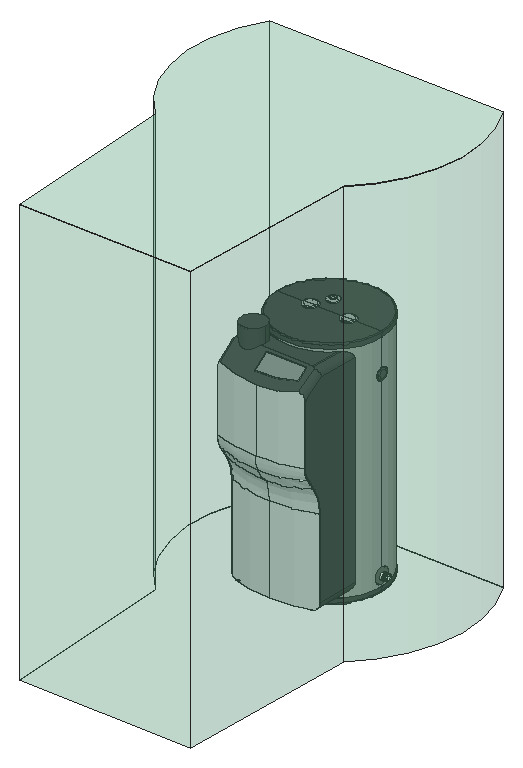
Revit family "Innovo NL_IR 32 245 NL LP", category Mechanical Equipment, Revit 2015
Parameters (values of type "IR-32-245 NL LP")
  Werkruimte Radius = Diameter + 170 mm  # 730 mm
  Werkruimte Hoogte = Hoogte + 1000 mm  # 2270 mm
  Werkruimte Afstand Voor = 1000 mm
  Werkruimte [instance] = yes
  Voorzorgsmaatregelen tijdens montage, installatie of onderhoud = "zie Gebruikers, Installatie, Service en Onderhouds handleiding"  # constant formula
  Voltage = 230 V  # constant formula
  Verpakkingslengte = 946 mm  # constant formula
  Verpakkingshoogte = 1465 mm
  Verpakkingsbreedte = 786 mm  # constant formula
  Uitsluitend werkend in daluren = no
  Type aanduiding = "IR-12-160"
  Transportgewicht = 114 kg
  Totaal Gewicht = 274 kg
  Stilstandsverlies - dagelijks (24u) = 0 W
  Stilstandsverlies = 0 W
  Standaard Afgesteld op = "G30/G31"
  Stand Regelthermostaat = 65 °C  # constant formula
  Soort Verpakking = "Karton en Hout"  # constant formula
  Slimme controlefunctie = no
  Setpoint thermostaat = 65 °C  # constant formula
  Seizoens Rendement (Hs) = [Rendement (Hs, vlgs. NEN-EN 89 - 1999)]  # 96
  Rendement (Hs, vlgs. NEN-EN 89 - 1999) = 96
  Rendement (Hi, vlgs. NEN-EN 89 - 1999) = 107
  Produktspecificaties Link = ""
  Produkthandleiding Link = ""
  Produkt Model Nummer (EAN-nummer) = "8717449283889"
  Onderhoudsinterval = "12 maanden"  # constant formula
  Nominale Belasting (Onderwaarde) = "12400.0/10900.0"
  Nominale Belasting (Bovenwaarde) = "13400.0/11800.0"
  Nominaal Vermogen = "12900.0/11400.0"
  NOx-uitstoot mg/kWh = "38.0/23.0"
  NOx-uitstoot (lucht vrij, 0% O2) ppm = "23.0/14.0"
  Min. Stand Regelthermostaat = 40 °C  # constant formula
  Max. Werkdruk = 800000.0 Pa
  Max. Stand Regelthermostaat = 85 °C  # constant formula
  Max. Rookgastemperatuur = 45 °C
  Ledig Gewicht = 95 kg
  Kraan Hoogte 02 = if(and(Hoogte = 1745 mm, Diameter = 675 mm), 1518 mm, if(and(Hoogte = 1745 mm, Diameter = 610 mm), 1534 mm, if(Hoogte = 1545 mm, 1328 mm, 1070 mm)))  # 1070 mm
  Kraan Hoogte 01 = if(and(Diameter > 560 mm), 693 mm, 604 mm)  # 604 mm
  Uitschakeldruk LDS < = 115.0 Pa
  URL = "www.aosmith.nl"
  Tapcapaciteit bij ΔT = 70°C  na 90 min. = 270.0 L
  Tapcapaciteit bij ΔT = 70°C  na 60 min. = 200.0 L
  Tapcapaciteit bij ΔT = 70°C  na 30 min. = 120.0 L
  Tapcapaciteit bij ΔT = 70°C  na 120 min. = 340.0 L
  Tapcapaciteit bij ΔT = 55°C  na 90 min. = 370.0 L
  Tapcapaciteit bij ΔT = 55°C  na 60 min. = 270.0 L
  Tapcapaciteit bij ΔT = 55°C  na 30 min. = 180.0 L
  Tapcapaciteit bij ΔT = 55°C  na 120 min. = 460.0 L
  Tapcapaciteit bij ΔT = 50°C  na 90 min. = 410.0 L
  Tapcapaciteit bij ΔT = 50°C  na 60 min. = 310.0 L
  Tapcapaciteit bij ΔT = 50°C  na 30 min. = 210.0 L
  Tapcapaciteit bij ΔT = 50°C na 120 min. = 510.0 L
  Tapcapaciteit bij ΔT = 44°C na 120 min. = 480.0 L
  Tapcapaciteit bij ΔT = 44°C  na 90 min. = 360.0 L
  Tapcapaciteit bij ΔT = 44°C  na 60 min. = 250.0 L
  Tapcapaciteit bij ΔT = 44°C  na 30 min. = 590.0 L
  Tapcapaciteit bij ΔT = 28°C na 90 min. = 780.0 L
  Tapcapaciteit bij ΔT = 28°C na 60 min. = 600.0 L
  Tapcapaciteit bij ΔT = 28°C na 30 min. = 420.0 L
  Tapcapaciteit bij ΔT = 28°C na 120 min. = 960.0 L
  Tapcapaciteit Continu bij ΔT = 70°C = 150.0 L/s
  Tapcapaciteit Continu bij ΔT = 55°C = 190.0 L/s
  Tapcapaciteit Continu bij ΔT = 50°C = 200.0 L/s
  Tapcapaciteit Continu bij ΔT = 44°C = 230.0 L/s
  Tapcapaciteit Continu bij ΔT = 28°C = 360.0 L/s
  Opwarmtijd bij ΔT = 70°C = "42"
  Opwarmtijd bij ΔT = 55°C = "34"
  Opwarmtijd bij ΔT = 50°C = "31"
  Opwarmtijd bij ΔT = 44°C = "27"
  Opwarmtijd bij ΔT = 28°C = "17"
  Model = "IR-12-160 NL LP"
  Manufacturer = "A.O. Smith Water Products Company b.v."  # constant formula
  Length = 780 mm  # constant formula
  Jaarlijks elektriciteitsverbruik (2) = "-"
  Jaarlijks elektriciteitsverbruik (1) = "38 kWh"
  Jaarlijks brandstofverbruik (2) = "-"
  Jaarlijks brandstofverbruik (1) = "16 GJ GCV"
  Isolatiedikte = 50 mm
  Installatie Typen = "B23/C13/C33/C43/C53/C63"  # constant formula
  Inhoud = 160.0 L
  Hoogte Warm Water Uitlaat = 1270 mm
  Hoogte Rookgasafvoer = 1295 mm
  Hoogte Lucht Inlaat = 1295 mm
  Hoogte Koud Water Inlaat = 170 mm
  Hoogte Gas Aansluiting = 860 mm
  Hoogte = 1270 mm
  Handelsmerk = "A.O. Smith"  # constant formula
  Geluidsniveau dB (A) = "<45"  # constant formula
  Geluidsniveau binnen = "41 dB"
  Gasverbruik - Volume ltr/hr = "n.v.t."
  Gasverbruik - Massa kg/h = "1.00/0.80"
  Gascategorie = "II2EK3B/P"  # constant formula
  Gas Voordruk = 5000.0 Pa
  Gas Aansluiting = 15"  # constant formula
  Garrantie op Tank = "36 maanden"  # constant formula
  Garrantie op Onderdelen = "12 maanden"  # constant formula
  Frequentie = 50 Hz  # constant formula
  Fase = 1
  Fabrikantnummer = "E 7110"  # constant formula
  Energie-efficiëntieklasse voor waterverwarming (2) = "-"
  Energie-efficiëntieklasse voor waterverwarming (1) = "A"  # constant formula
  Energie-efficiëntie voor waterverwarming (2) = "-"
  Energie-efficiëntie voor waterverwarming (1) = "92%"
  Elektrisch Vermogen (piek) = 85 W
  Elektrisch Vermogen (nominaal) = 25 W
  Diameter Schoorsteen - parallel systeem = "2x80"  # constant formula
  Diameter Schoorsteen - concentrisch systeem = "80/125 mm/mm"  # constant formula
  Diameter Schoorsteen - boiler = "80/125 mm/mm"  # constant formula
  Diameter = 560 mm
  Description = "Condenserende Hoog Rendementsboiler"  # constant formula
  Created By = "http://www.cadcompany.nl/"
  Capaciteitsprofiel = "XL"
  CO2-uitstoot (tol. +/- 1.0) vol% = "11.8/10.0"
  CE-PIN = "0063CQ3037"  # constant formula
  Breedte = Diameter  # 560 mm
  Bestemming / Land = "Nederland"  # constant formula
  BIM Content Developer = "CAD & Company"  # constant formula
  Assembly Code = "D3010"
  Ander capaciteitsprofiel = "-"
  Aansluiting Warm Water = 3/4"
  Aansluiting T&P = 3/4"
  Aansluiting Koud Water = 3/4"  # constant formula
  Aansluiting Condensafvoer = 40 mm  # constant formula
  Aansluiting Aftapkraan = 3/4"  # constant formula
  2e Onderhoud (algeheel onderhoud) = "12 maanden na installatie"  # constant formula
  1e Onderhoud (check-up) = "3 maanden na installatie"  # constant formula
Reference planes
  plane 1 "Center (Front/Back)": y = 0
  plane 2: z = 0
  plane 3 "Center (Left/Right)": x = 0
  plane 4 "Pipe": through (-383.901, 912.349, 194.799) normal (-0.0879, -0.0879, 0.9923)
  plane 5 "footing": y = 118.925
  plane 6 "footing front": y = -237.85
  plane 7: x = -280
  plane 8: x = 280
  plane 9: z = 1270
Forms (mm)
  Revolve 1, solid, material "RAL 9005", detail levels medium+fine
    sketch origin (0, -237.85, 0) x (-1, 0, 0) y (0, 0, 1)
      loop
        line (0, 28.9) -> (-15, 28.9) -> (-15, 26.4) -> (-8.671, 26.4) -> (-8.671, 18) -> (-5.686, 18) -> (-6.626, 17.06) -> (-6.626, 12.06) -> (-8.671, 12.06) -> (-8.671, 10) -> (-10.031, 10) -> (-23.271, 5.181)
        arc (-23.271, 5.181) -> (-23.763, 4.836) -> (-24.017, 4.293) r 1.159
        line (-24.017, 4.293) -> (-24.017, 1.03)
        arc (-24.017, 1.03) -> (-23.715, 0.302) -> (-22.986, 0) r 1.03
        line (-22.986, 0) -> (0, 0) -> (0, 28.9)
      axis (0, 28.9) -> (0, 0)
    angle from 0 to 360
  Revolve 2, solid, material "RAL 9005", detail levels medium+fine
    sketch origin (0, 118.925, 0) x (-1, 0, 0) y (0, 0, 1)
      loop
        line (-180.984, 28.9) -> (-195.984, 28.9) -> (-195.984, 26.4) -> (-189.655, 26.4) -> (-189.655, 18) -> (-186.67, 18) -> (-187.61, 17.06) -> (-187.61, 12.06) -> (-189.655, 12.06) -> (-189.655, 10) -> (-191.015, 10) -> (-204.256, 5.181)
        arc (-204.256, 5.181) -> (-204.747, 4.836) -> (-205.001, 4.293) r 1.159
        line (-205.001, 4.293) -> (-205.001, 1.03)
        arc (-205.001, 1.03) -> (-204.699, 0.302) -> (-203.971, 0) r 1.03
        line (-203.971, 0) -> (-180.984, 0) -> (-180.984, 28.9)
      axis (-180.984, 28.9) -> (-180.984, 0)
    angle from 0 to 360
  Revolve 3, solid, material "RAL 9005", detail levels medium+fine
    sketch origin (0, 118.925, 0) x (-1, 0, 0) y (0, 0, 1)
      loop
        line (179.016, 28.9) -> (164.016, 28.9) -> (164.016, 26.4) -> (170.345, 26.4) -> (170.345, 18) -> (173.33, 18) -> (172.39, 17.06) -> (172.39, 12.06) -> (170.345, 12.06) -> (170.345, 10) -> (168.985, 10) -> (155.744, 5.181)
        arc (155.744, 5.181) -> (155.253, 4.836) -> (154.999, 4.293) r 1.159
        line (154.999, 4.293) -> (154.999, 1.03)
        arc (154.999, 1.03) -> (155.301, 0.302) -> (156.029, 0) r 1.03
        line (156.029, 0) -> (179.016, 0) -> (179.016, 28.9)
      axis (179.016, 28.9) -> (179.016, 0)
    angle from 0 to 360
Lines and regions (mm)
  symbolic lines
    curve 1: line (0, 280.06, 0) -> (0, -280.06, 0)
    curve 2: line (-255.06, 0, 0) -> (255.06, 0, 0)
  symbolic lines, style "Workspace"
    curve 3: line (623.261, 380.06, 0) -> (-623.261, 380.06, 0)
    curve 4: arc (-623.261, 380.06, 0) -> (-726.942, -66.745, 0) -> (-543.632, -487.2, 0) r 730
    curve 5: line (-543.632, -487.2, 0) -> (-396.783, -1492.825, 0)
    curve 6: line (-396.783, -1492.825, 0) -> (399.03, -1492.825, 0)
    curve 7: line (399.03, -1492.825, 0) -> (545.76, -484.816, 0)
    curve 8: arc (545.76, -484.816, 0) -> (727.087, -65.154, 0) -> (623.261, 380.06, 0) r 730
Dimensions and locks
  plane 5 "footing" to plane 1 "Center (Front/Back)" = 118.925 mm
  plane 1 "Center (Front/Back)" to plane 6 "footing front" = 237.85 mm
  "Diameter": plane 7 to plane 8
  equal spacing: plane 7, plane 3 "Center (Left/Right)", plane 8
  "Hoogte": plane 9 to plane 2
  "Werkruimte Afstand Voor": curve 6 to nested 3
  "Werkruimte Radius": radius of curve 4
  "Werkruimte Radius": radius of curve 8
  aligned and locked: level to plane 2
  aligned and locked: nested 3 to Revolve 1 sketch curve
  aligned and locked: plane 3 "Center (Left/Right)" to Revolve 1 sketch curve
  aligned and locked: nested 3 to plane 1 "Center (Front/Back)"
  aligned and locked: plane 3 "Center (Left/Right)" to nested 3
  aligned and locked: nested 1 to plane 8
  aligned and locked: nested 5 to plane 8
  aligned and locked: nested 2 to plane 7
  aligned and locked: nested 4 to plane 7
  aligned and locked: nested 7 to plane 7
  aligned and locked: nested 8 to plane 3 "Center (Left/Right)"
  aligned and locked: curve 3 to nested 8
  aligned and locked: nested 8 to nested 3
Automatic sketch dimensions
  Revolve 1 sketch curve to level = 0 mm
  plane 3 "Center (Left/Right)" to Revolve 1 sketch curve = 5.686 mm
  Revolve 1 sketch curve to Revolve 1 sketch curve = 0.94 mm  (x2)
  Revolve 1 sketch curve to Revolve 1 sketch curve = 2.046 mm  (x2)
  Revolve 1 sketch curve to Revolve 1 sketch curve = 1.359 mm
  Revolve 1 sketch curve to Revolve 1 sketch curve = 6.329 mm
  level to Revolve 1 sketch curve = 4.091 mm
  Revolve 1 sketch curve to Revolve 1 sketch curve = 12.844 mm
  level to Revolve 1 sketch curve = 1.03 mm
  Revolve 1 sketch curve to Revolve 1 sketch curve = 0.111 mm
  level to Revolve 1 sketch curve = 5.181 mm
  Revolve 1 sketch curve to Revolve 1 sketch curve = 0.745 mm
  level to Revolve 1 sketch curve = 10 mm
  Revolve 1 sketch curve to Revolve 1 sketch curve = 2.06 mm
  Revolve 1 sketch curve to Revolve 1 sketch curve = 5 mm
  Revolve 1 sketch curve to Revolve 1 sketch curve = 8.4 mm
  Revolve 1 sketch curve to Revolve 1 sketch curve = 2.5 mm
  Revolve 1 sketch curve to level = 19.635 mm
  Revolve 1 sketch curve to Revolve 1 sketch curve = 46.465 mm
  Revolve 2 sketch curve to level = 0 mm
  level to Revolve 2 sketch curve = 1.03 mm
  Revolve 2 sketch curve to plane 8 = 74.999 mm
  level to Revolve 2 sketch curve = 5.181 mm
  Revolve 2 sketch curve to Revolve 2 sketch curve = 0.745 mm
  Revolve 2 sketch curve to Revolve 2 sketch curve = 0.397 mm
  Revolve 2 sketch curve to Revolve 2 sketch curve = 8.271 mm
  Revolve 2 sketch curve to Revolve 2 sketch curve = 13.241 mm
  Revolve 2 sketch curve to Revolve 2 sketch curve = 1.359 mm
  Revolve 2 sketch curve to Revolve 2 sketch curve = 6.329 mm
  Revolve 2 sketch curve to Revolve 2 sketch curve = 2.046 mm
  level to Revolve 2 sketch curve = 18 mm
  Revolve 2 sketch curve to Revolve 2 sketch curve = 0.94 mm  (x2)
  Revolve 2 sketch curve to Revolve 2 sketch curve = 8.671 mm
  Revolve 2 sketch curve to Revolve 2 sketch curve = 1.089 mm
  Revolve 2 sketch curve to Revolve 2 sketch curve = 8 mm
  Revolve 2 sketch curve to Revolve 2 sketch curve = 2.06 mm
  Revolve 2 sketch curve to Revolve 2 sketch curve = 8.4 mm
  Revolve 2 sketch curve to Revolve 2 sketch curve = 2.5 mm
  Revolve 2 sketch curve to Revolve 2 sketch curve = 0 mm
  Revolve 2 sketch curve to level = 19.635 mm
  Revolve 2 sketch curve to Revolve 2 sketch curve = 46.465 mm
  Revolve 3 sketch curve to level = 0 mm
  level to Revolve 3 sketch curve = 1.03 mm
  Revolve 3 sketch curve to plane 7 = 125.001 mm
  level to Revolve 3 sketch curve = 5.181 mm
  Revolve 3 sketch curve to Revolve 3 sketch curve = 0.745 mm
  Revolve 3 sketch curve to Revolve 3 sketch curve = 0.397 mm
  Revolve 3 sketch curve to Revolve 3 sketch curve = 8.271 mm
  Revolve 3 sketch curve to Revolve 3 sketch curve = 13.241 mm
  Revolve 3 sketch curve to Revolve 3 sketch curve = 1.359 mm
  Revolve 3 sketch curve to Revolve 3 sketch curve = 6.329 mm
  Revolve 3 sketch curve to Revolve 3 sketch curve = 2.046 mm
  level to Revolve 3 sketch curve = 18 mm
  Revolve 3 sketch curve to Revolve 3 sketch curve = 0.94 mm  (x2)
  Revolve 3 sketch curve to Revolve 3 sketch curve = 8.671 mm
  Revolve 3 sketch curve to Revolve 3 sketch curve = 1.089 mm
  Revolve 3 sketch curve to Revolve 3 sketch curve = 8 mm
  Revolve 3 sketch curve to Revolve 3 sketch curve = 2.06 mm
  Revolve 3 sketch curve to Revolve 3 sketch curve = 8.4 mm
  Revolve 3 sketch curve to Revolve 3 sketch curve = 2.5 mm
  Revolve 3 sketch curve to Revolve 3 sketch curve = 0 mm
  Revolve 3 sketch curve to level = 19.635 mm
  Revolve 3 sketch curve to Revolve 3 sketch curve = 46.465 mm
  curve 4 to curve 8 = 0 mm  (x2)
  plane 1 "Center (Front/Back)" to curve 2 = 0 mm
  curve 1 to plane 3 "Center (Left/Right)" = 0 mm
  plane 1 "Center (Front/Back)" to curve 4 = 0 mm
  curve 4 to plane 3 "Center (Left/Right)" = 0 mm
  curve 5 to plane 6 "footing front" = 249.35 mm
  plane 7 to curve 5 = 116.783 mm
  plane 8 to curve 7 = 119.03 mm
  curve 7 to plane 6 "footing front" = 246.966 mm
  curve 2 to plane 7 = 24.94 mm
  curve 2 to plane 8 = 24.94 mm
  curve 1 to plane 6 "footing front" = 42.21 mm
  plane 5 "footing" to curve 1 = 161.135 mm
Nested families
  nested 1: "Valve" at (280, -0.38, 1070) x (0, 1, 0) z (0, 0, 1), built-in parameter 1001364 <- "Kraan Hoogte 02", type "Valve"
  nested 2: "Drain Valve" at (-280, 0, 1070), built-in parameter 1001364 <- "Kraan Hoogte 02", type "Drain Valve"
  nested 3: "Housing Mother Housing S 57 (external)" at (0, -274.886, 0), type "Housing Mother_Housing S_57"
  nested 4: "Drain Valve" at (-280, 0, 177), type "Drain Valve"
  nested 5: "Drain Valve" at (280, 0, 107) x (-1, 0, 0) z (0, 0, 1), type "Drain Valve"
  nested 6: "Boiler" at (0, 0, 0), height <- "Hoogte", type "Boiler"
    with height 1270 mm
  nested 7: "Drain Valve" at (-280, 0, 604), built-in parameter 1001364 <- "Kraan Hoogte 01", type "Drain Valve"
  nested 8: "Innovo_workspace" at (0, 0, 0), Workspace <- "Werkruimte", Workspace Distance Front <- "Werkruimte Afstand Voor", Workspace Height <- "Werkruimte Hoogte", Workspace Radius <- "Werkruimte Radius", type "Workspace"
    with Workspace Radius 730 mm, Workspace Height 2270 mm, Workspace Distance Front 1000 mm, Workspace yes, Center to Front 492.825 mm
Connectors
  piping at (314.826, 0, 107), diameter 19.05, driven by "Aansluiting Aftapkraan"
    settings: on nested 5, index 1, connector inside diameter 24", connector length 0 mm, flow factor 0, pipe flow 0.0 L/s, pressure drop 0.0 Pa, fitting loss kfactor 0, connector angle 0.00°, fixture units 0, engagement length 0 mm, angle of deflection 0.00°, flow configuration 0, flow direction 0, fitting loss method 0, system type 19, joint type 0, gender type 0, connector reference index -1, connector utility 0, adjustable connector no, is connector primary yes, connector description ""
  hvac at (-147.013, -321.326, 1310.674)
    settings: on nested 3, index 2, duct flow 0.0 L/s, flow factor 0, pres drop 0.0 Pa, loss coef 0, conn angle 0.00°, conn width 304.8 mm, conn height 304.8 mm, conn diameter 125 mm, duct sys type 4, conn prof type 0, flow config 0, flow direction 0, loss method 0, conn ref index -1, conn util no, is conn primary yes, conn desc ""
Definition of nested family "Valve"
  Parameters (values of type "Valve")
    Type Comments = "T&P valve (internal)"
    Manufacturer = "A.O. Smith"
  Reference planes
    plane 1 "Center (Front/Back)": y = 0
    plane 2: z = 0
    plane 3 "Center (Left/Right)": x = 0
  Forms (mm)
    Extrusion 1, solid, detail levels fine
      sketch origin (0, 0, 0) x (1, 0, 0) y (0, 0, 1)
        loop
          circle (0, 0) r 31.5
      from -2.271 to 1.4
    Sweep 2, solid, detail levels fine
      path origin (0, -1.4, 0) x (1, 0, 0) y (0, 0, 1)
        loop
          circle (0, 0) r 31.5
      profile origin (0, -1.4, 31.5) x (0, 0, -1) y (0, -1, 0)
        loop
          line (7.3, 0) -> (7.3, 3) -> (0, 0) -> (7.3, 0)
  Dimensions and locks
    aligned and locked: level to plane 2
Definition of nested family "Drain Valve"
  Reference planes
    plane 1 "Center (Front/Back)": y = 0
    plane 2: z = 0
    plane 3 "Center (Left/Right)": x = 0
  Forms (mm)
    Revolve 1, solid, detail levels medium+fine
      sketch origin (0, 0, 0) x (1, 0, 0) y (0, 0, 1)
        loop
          line (-33.442, 15.696) -> (-34.826, 14.329) -> (-34.93, 12.731) -> (-16.555, 12.731) -> (-16.555, 0) -> (15.787, 0) -> (15.787, 18.3) -> (-14.4, 18.3) -> (-17.148, 15.533) -> (-18.729, 16.697) -> (-20.091, 15.333) -> (-21.672, 16.496) -> (-23.034, 15.133) -> (-24.614, 16.296) -> (-25.976, 14.932) -> (-27.557, 16.096) -> (-28.919, 14.732) -> (-30.5, 15.896) -> (-31.862, 14.532) -> (-33.442, 15.696)
        axis (-34.93, 0) -> (15.787, 0)
      angle from 0 to 360
  Dimensions and locks
    aligned and locked: level to plane 2
  Nested families
    nested 1: "Rubber sealing" at (2.592, -0.155, 0) x (0.0023, -1, 0) z (0, 0, 1), type "Rubber sealing", detail levels fine
  Definition of nested family "Rubber sealing"
    Reference planes
      plane 1 "Center (Front/Back)": y = 0
      plane 2: z = 0
      plane 3 "Center (Left/Right)": x = 0
    Forms (mm)
      Extrusion 1, solid, detail levels fine
        sketch origin (141.861, 319.581, 0) x (1, 0, 0) y (0, 1, 0)
          loop
            line (-216.354, -311.898) -> (-216.354, -313.94)
            arc (-216.354, -313.94) -> (-141.602, -321.581) -> (-66.861, -313.835) r 366.966
            line (-66.861, -313.835) -> (-66.861, -311.791)
            arc (-66.861, -311.791) -> (-141.602, -319.581) -> (-216.354, -311.898) r 364.966
        from -80 to 80
      Extrusion 2, void
        sketch origin (141.861, 319.581, 0) x (1, 0, 0) y (0, 0, 1)
          loop
            circle (-141.861, 0) r 13
          loop
            circle (-141.861, 0) r 110
          loop
            circle (-141.861, 0) r 40
        from 311.563 to 332.684
      Extrusion 3, void
        sketch origin (141.861, 319.581, 0) x (1, 0, 0) y (0, 0, 1)
          loop
            circle (-141.861, 0) r 18.25
        from 315.524 to 326.084
    Cuts and joins
      Extrusion 2, Extrusion 3 cuts Extrusion 1
    Dimensions and locks
      aligned and locked: level to plane 2
Definition of nested family "Housing Mother Housing S 57 (external)"
  Parameters (values of type "Housing Mother_Housing S_57")
    radius [instance] = 280 mm
    distance to boiler center = if(diameter = 675 mm, 189 mm, if(diameter = 610 mm, 154 mm, 129 mm))  # 129 mm
    diameter = 560 mm
  Reference planes
    plane 1 "Center (Front/Back)": y = 0
    plane 2: z = 0
    plane 3 "Center (Left/Right)": x = 0
    plane 4 "left": through (-245.286, 145.886, 1200) normal (0.9994, 0.0349, 0)
    plane 5: y = -217.939
    plane 6: y = 145.886
    plane 7: z = 1232.6
    plane 8: z = 65.89
    plane 9 "right": through (245.286, 145.886, 1200) normal (0.9994, -0.0349, 0)
    plane 10 "display": through (0, -90.37, 1221.196) normal (0, -0.5736, 0.8192)
    plane 11 "Potentiostat": z = 867.899
    plane 12 "boiler center": y = 274.886
    plane 13: x = -280
    plane 14: x = 280
  Forms (mm)
    Extrusion 1, solid
      sketch origin (0, 0, 0) x (1, 0, 0) y (0, 1, 0)
        loop
          line (-245.286, 145.886) -> (-232.581, -217.939) -> (232.581, -217.939) -> (245.286, 145.886)
          arc (245.286, 145.886) -> (0, 0.923) -> (-245.286, 145.886) r 280
      from 0 to 1232.6
    Sweep 2, void
      path origin (0, 0, 0) x (0, 1, 0) y (0, 0, 1)
        loop
          line (-217.939, 1232.6) -> (-217.939, 795.555)
          arc (-217.939, 795.555) -> (-212.387, 754.285) -> (-197.694, 715.322) r 183.924
          arc (-197.694, 715.322) -> (-179.915, 684.628) -> (-159.106, 655.901) r 348.284
          arc (-159.106, 655.901) -> (-131.411, 600.328) -> (-121.88, 538.973) r 202.254
          line (-121.88, 538.973) -> (-121.88, 61.106)
      profile origin (0, -217.939, 1014.077) x (1, 0, 0) y (0, 1, 0)
        loop
          arc (0, 0) -> (-117.533, 9.941) -> (-231.728, 39.475) r 699.984
          arc (-231.728, 39.475) -> (-233.391, 40.705) -> (-234.07, 42.659) r 3.505
          line (-234.07, 42.659) -> (-254.062, 42.659) -> (-254.062, -142.593) -> (254.07, -142.593) -> (254.07, 42.659) -> (234.07, 42.659)
          arc (234.07, 42.659) -> (233.391, 40.705) -> (231.728, 39.475) r 3.505
          arc (231.728, 39.475) -> (117.533, 9.941) -> (0, 0) r 699.984
    Extrusion 3, void
      sketch origin (0, 0, 0) x (0, 1, 0) y (0, 0, 1)
        loop
          arc (102.864, 70.869) -> (99.804, 70.709) -> (96.874, 69.813) r 12.57
          arc (96.874, 69.813) -> (87.878, 66.533) -> (78.516, 64.529) r 69.114
          arc (78.516, 64.529) -> (76.41, 64.284) -> (74.294, 64.148) r 41.206
          arc (74.294, 64.148) -> (65.203, 64.335) -> (56.122, 64.782) r 318.661
          arc (56.122, 64.782) -> (30.585, 66.179) -> (5.028, 67.128) r 1456.581
          line (5.028, 67.128) -> (-84.534, 73.135)
          arc (-84.534, 73.135) -> (-86.363, 73.808) -> (-87.536, 75.365) r 3.455
          line (-87.536, 75.365) -> (-264.473, 75.365) -> (-264.473, 0) -> (160.886, 0) -> (160.886, 103.945) -> (145.886, 103.945)
          arc (145.886, 103.945) -> (145.104, 97.827) -> (142.923, 92.059) r 26.364
          arc (142.923, 92.059) -> (141.067, 88.936) -> (138.867, 86.045) r 31.715
          arc (138.867, 86.045) -> (135.576, 82.49) -> (132.021, 79.2) r 62.615
          arc (132.021, 79.2) -> (125.841, 74.697) -> (119.091, 71.103) r 54.444
          arc (119.091, 71.103) -> (116.371, 70.272) -> (113.531, 70.123) r 11.669
          line (113.531, 70.123) -> (102.864, 70.869)
      from -254.062 to 254.07
    Sweep 4, void
      path origin (0, 0, 0) x (1, 0, 0) y (0, 1, 0)
        loop
          line (-245.286, 145.886) -> (-232.581, -217.939)
      profile origin (-238.933, -36.027, 0) x (0.999391, 0.034899, 0) y (0, 0, 1)
        loop
          line (-4.454, 0) -> (47.084, 0) -> (47.084, 73.431)
          arc (47.084, 73.431) -> (14.222, 85.134) -> (0.255, 117.1) r 43.922
          line (0.255, 117.1) -> (-4.454, 117.1) -> (-4.454, 0)
    Sweep 5, void
      path origin (0, 0, 0) x (-1, 0, 0) y (0, 1, 0)
        loop
          line (-245.286, 145.886) -> (-232.581, -217.939)
      profile origin (238.933, -36.027, 0) x (0.999391, -0.034899, 0) y (0, 0, 1)
        loop
          line (4.454, 0) -> (4.454, 117.1) -> (-0.255, 117.1)
          arc (-0.255, 117.1) -> (-14.222, 85.134) -> (-47.084, 73.431) r 43.922
          line (-47.084, 73.431) -> (-47.084, 0) -> (4.454, 0)
    Sweep 6, void
      path origin (-239.899, -8.377, 0) x (-0.034899, 0.999391, 0) y (0, 0, 1)
        loop
          line (-209.69, 1141.272) -> (-79.18, 1232.6) -> (154.358, 1232.6)
      profile origin (-241.211, 29.188, 1232.6) x (0, 0, 1) y (0.999391, 0.034899, 0)
        loop
          line (-45, -30) -> (75, -30) -> (75, 0) -> (75, 55) -> (2.799, 55) -> (-1.253, 35.128)
          arc (-1.253, 35.128) -> (-16.771, 9.564) -> (-45, -0.308) r 44.287
          line (-45, -0.308) -> (-45, -30)
    Sweep 7, void
      path origin (239.899, -8.377, 0) x (0.034899, 0.999391, 0) y (0, 0, 1)
        loop
          line (-209.69, 1141.272) -> (-79.18, 1232.6) -> (154.358, 1232.6)
      profile origin (241.211, 29.188, 1232.6) x (0, 0, -1) y (-0.999391, 0.034899, 0)
        loop
          line (-75, -25) -> (45, -25) -> (45, -0.308)
          arc (45, -0.308) -> (16.771, 9.564) -> (1.253, 35.128) r 44.287
          line (1.253, 35.128) -> (-2.799, 55) -> (-75, 55) -> (-75, -25)
    Extrusion 8, void
      sketch origin (0, 0, 0) x (0, 1, 0) y (0, 0, 1)
        loop
          line (-270, 1336.099) -> (-270, 1099.081) -> (68.497, 1336.099) -> (-270, 1336.099)
      from -425.038 to 444.42
    Extrusion 9, solid, detail levels medium+fine
      sketch origin (0, 0, 0) x (1, 0, 0) y (0, 1, 0)
        loop
          circle (-147.013, -46.44) r 65
      from 1163.174 to 1310.674
    Extrusion 10, void
      sketch origin (0, -603.506, 861.895) x (0, 0.819152, 0.573576) y (-1, 0, 0)
        loop
          arc (618.322, -173) -> (623.272, -170.95) -> (625.322, -166) r 7
          line (625.322, -166) -> (625.322, 35)
          arc (625.322, 35) -> (623.272, 39.95) -> (618.322, 42) r 7
          line (618.322, 42) -> (535.473, 42)
          arc (535.473, 42) -> (530.688, 40.11) -> (528.488, 35.46) r 7
          arc (528.488, 35.46) -> (531.569, -67.592) -> (554.18, -168.18) r 540
          arc (554.18, -168.18) -> (556.724, -171.668) -> (560.831, -173) r 7
          line (560.831, -173) -> (618.322, -173)
      from 0 to 137.286
    Sweep 11, solid, detail levels fine
      path origin (0, 0, 867.899) x (-1, 0, 0) y (0, -1, 0)
        loop
          line (309.749, -35.617) -> (204.371, -35.617)
          arc (204.371, -35.617) -> (196.509, -34.687) -> (189.082, -31.947) r 33.677
          line (189.082, -31.947) -> (-9.574, 69.274)
      profile origin (-257.06, 35.617, 867.899) x (0, 1, 0) y (0, 0, 1)
        loop
          circle (0, 0) r 7.316
        loop
          circle (0, 0) r 6.465
    Revolve 12, void
      sketch origin (0, 274.886, 0) x (-1, 0, 0) y (0, 0, 1)
        loop
          line (280, 1243.838) -> (0, 1243.838) -> (0, 54.9) -> (280, 54.9) -> (280, 1243.838)
        axis (0, 1243.838) -> (0, 54.9)
      angle from 0 to 360
  Cuts and joins
    Sweep 2, Extrusion 3, Sweep 4, Sweep 5, Sweep 6, Sweep 7, Extrusion 8, Extrusion 10, Revolve 12 cuts Extrusion 1
  Dimensions and locks
    plane 8 to plane 2 = 65.89 mm
    plane 7 to plane 8 = 1166.71 mm
    "distance to boiler center": plane 12 "boiler center" to plane 6
    "diameter": plane 14 to plane 13
    equal spacing: plane 14, plane 3 "Center (Left/Right)", plane 13
    "radius": plane 3 "Center (Left/Right)" to plane 13
    aligned and locked: level to plane 2
    aligned and locked: Extrusion 1 to plane 7
    aligned and locked: Extrusion 1 sketch curve to plane 5
    aligned and locked: Sweep 2 to Extrusion 3
    aligned and locked: Extrusion 3 to Sweep 2  (x2)
    aligned and locked: plane 7 to Sweep 2 sketch curve
    aligned and locked: plane 3 "Center (Left/Right)" to Revolve 12 sketch curve
    aligned and locked: Revolve 12 sketch curve to plane 3 "Center (Left/Right)"
    aligned and locked: plane 13 to Revolve 12 sketch curve
  Automatic sketch dimensions
    Extrusion 1 sketch curve to plane 4 "left" = 0 mm  (x2)
    Extrusion 1 sketch curve to plane 6 = 0 mm  (x2)
    Extrusion 1 sketch curve to plane 3 "Center (Left/Right)" = 0 mm
    Extrusion 1 sketch curve to plane 9 "right" = 0 mm
    plane 6 to Extrusion 1 sketch curve = 135.037 mm
    Sweep 2 sketch curve to plane 5 = 0 mm
    plane 5 to Sweep 2 sketch curve = 106.195 mm
    Sweep 2 sketch curve to plane 5 = 96.059 mm
    plane 1 "Center (Front/Back)" to Sweep 2 sketch curve = 34.053 mm
    plane 11 "Potentiostat" to Sweep 2 sketch curve = 6.417 mm
    Sweep 2 sketch curve to plane 6 = 33.705 mm
    Sweep 2 sketch curve to plane 11 "Potentiostat" = 68.615 mm
    Sweep 2 sketch curve to plane 11 "Potentiostat" = 72.345 mm
    Sweep 2 sketch curve to Sweep 2 sketch curve = 176.349 mm
    Sweep 2 sketch curve to Sweep 2 sketch curve = 0 mm  (x2)
    plane 8 to Sweep 2 sketch curve = 4.784 mm
    Extrusion 3 sketch curve to level = 0 mm
    Extrusion 3 sketch curve to plane 6 = 0 mm
    Extrusion 3 sketch curve to plane 6 = 26.363 mm
    Extrusion 3 sketch curve to Extrusion 3 sketch curve = 4.75 mm
    Extrusion 3 sketch curve to Extrusion 3 sketch curve = 5.179 mm
    Extrusion 3 sketch curve to plane 8 = 4.232 mm
    Extrusion 3 sketch curve to Extrusion 3 sketch curve = 0.814 mm
    Extrusion 3 sketch curve to plane 8 = 4.978 mm
    Extrusion 3 sketch curve to Extrusion 3 sketch curve = 10.667 mm
    Extrusion 3 sketch curve to Extrusion 3 sketch curve = 0.877 mm
    Extrusion 3 sketch curve to Extrusion 3 sketch curve = 17.827 mm
    Extrusion 3 sketch curve to Extrusion 3 sketch curve = 5.646 mm
    Extrusion 3 sketch curve to plane 6 = 69.562 mm
    Extrusion 3 sketch curve to Extrusion 3 sketch curve = 18.6 mm
    Extrusion 3 sketch curve to Extrusion 3 sketch curve = 22.538 mm
    Extrusion 3 sketch curve to plane 8 = 1.238 mm
    Extrusion 3 sketch curve to plane 1 "Center (Front/Back)" = 5.028 mm
    plane 1 "Center (Front/Back)" to Extrusion 3 sketch curve = 36.224 mm
    Extrusion 3 sketch curve to plane 8 = 10.692 mm
    plane 1 "Center (Front/Back)" to Extrusion 3 sketch curve = 84.302 mm
    Extrusion 3 sketch curve to plane 8 = 7.244 mm
    Extrusion 3 sketch curve to Extrusion 3 sketch curve = 0.231 mm
    Extrusion 3 sketch curve to Extrusion 3 sketch curve = 3.234 mm
    plane 5 to Extrusion 3 sketch curve = 46.534 mm
    plane 6 to Extrusion 3 sketch curve = 15 mm
    Extrusion 3 sketch curve to level = 1388.869 mm
    plane 8 to Extrusion 3 sketch curve = 7.561 mm
    Extrusion 3 sketch curve to Extrusion 3 sketch curve = 11.64 mm
    Extrusion 3 sketch curve to plane 8 = 38.054 mm
    Extrusion 3 sketch curve to Extrusion 3 sketch curve = 22.442 mm
    Extrusion 3 sketch curve to plane 8 = 39.432 mm
    Extrusion 3 sketch curve to Extrusion 3 sketch curve = 2.466 mm
    Extrusion 3 sketch curve to Extrusion 3 sketch curve = 14.17 mm
    Extrusion 3 sketch curve to Extrusion 3 sketch curve = 5.925 mm
    Extrusion 3 sketch curve to Extrusion 3 sketch curve = 6.186 mm
    Extrusion 3 sketch curve to Extrusion 3 sketch curve = 249.85 mm
    Extrusion 3 sketch curve to Extrusion 3 sketch curve = 0 mm  (x4)
    Extrusion 3 sketch curve to Extrusion 3 sketch curve = 6.845 mm
    plane 8 to Extrusion 3 sketch curve = 1.743 mm
    Sweep 4 sketch curve to plane 4 "left" = 0 mm  (x2)
    Sweep 4 sketch curve to plane 6 = 0 mm
    plane 5 to Sweep 4 sketch curve = 0 mm
    Sweep 4 sketch curve to level = 0 mm
    profile plane to Sweep 4 sketch curve = 4.454 mm
    Sweep 4 sketch curve to profile plane = 0.255 mm
    Sweep 4 sketch curve to Sweep 4 sketch curve = 43.922 mm
    Sweep 4 sketch curve to profile plane = 47.084 mm
    level to Sweep 4 sketch curve = 73.431 mm
    Sweep 4 sketch curve to Sweep 4 sketch curve = 43.669 mm
    Sweep 5 sketch curve to plane 6 = 0 mm
    Sweep 5 sketch curve to plane 9 "right" = 0 mm  (x2)
    plane 5 to Sweep 5 sketch curve = 0 mm
    Sweep 5 sketch curve to level = 0 mm
    profile plane to Sweep 5 sketch curve = 47.084 mm
    Sweep 5 sketch curve to Sweep 5 sketch curve = 2.907 mm
    profile plane to Sweep 5 sketch curve = 0.255 mm
    Sweep 5 sketch curve to profile plane = 4.454 mm
    level to Sweep 5 sketch curve = 73.431 mm
    Sweep 5 sketch curve to Sweep 5 sketch curve = 43.669 mm
    Sweep 6 sketch curve to plane 7 = 0 mm
    plane 7 to Sweep 6 sketch curve = 91.328 mm
    Sweep 6 sketch curve to Sweep 6 sketch curve = 130.509 mm
    Sweep 6 sketch curve to Sweep 6 sketch curve = 233.538 mm
    Sweep 6 sketch curve to plane 4 "left" = 0 mm
    profile plane to Sweep 6 sketch curve = 45 mm
    Sweep 6 sketch curve to Sweep 6 sketch curve = 0.354 mm
    profile plane to Sweep 6 sketch curve = 1.253 mm
    Sweep 6 sketch curve to profile plane = 2.799 mm
    Sweep 6 sketch curve to Sweep 6 sketch curve = 72.201 mm
    Sweep 6 sketch curve to plane 4 "left" = 0.308 mm
    Sweep 6 sketch curve to Sweep 6 sketch curve = 29.692 mm
    plane 4 "left" to Sweep 6 sketch curve = 35.128 mm
    plane 4 "left" to Sweep 6 sketch curve = 55 mm
    Sweep 7 sketch curve to plane 7 = 0 mm
    Sweep 7 sketch curve to plane 7 = 91.328 mm
    Sweep 7 sketch curve to Sweep 7 sketch curve = 130.509 mm
    Sweep 7 sketch curve to Sweep 7 sketch curve = 233.538 mm
    Sweep 7 sketch curve to plane 9 "right" = 25 mm
    profile plane to Sweep 7 sketch curve = 75 mm
    profile plane to Sweep 7 sketch curve = 2.799 mm
    Sweep 7 sketch curve to profile plane = 1.253 mm
    Sweep 7 sketch curve to Sweep 7 sketch curve = 43.393 mm
    Sweep 7 sketch curve to profile plane = 45 mm
    Sweep 7 sketch curve to plane 9 "right" = 0.308 mm
    plane 9 "right" to Sweep 7 sketch curve = 35.128 mm
    Sweep 7 sketch curve to Sweep 7 sketch curve = 19.872 mm
    plane 5 to Extrusion 8 sketch curve = 52.061 mm
    Extrusion 8 sketch curve to plane 1 "Center (Front/Back)" = 68.497 mm
    plane 7 to Extrusion 8 sketch curve = 133.519 mm
    Extrusion 8 sketch curve to plane 7 = 103.499 mm
    plane 1 "Center (Front/Back)" to Extrusion 9 sketch curve = 46.44 mm
    Extrusion 9 sketch curve to plane 3 "Center (Left/Right)" = 147.013 mm
    Extrusion 10 sketch curve to plane 3 "Center (Left/Right)" = 0 mm
    Extrusion 10 sketch curve to plane 3 "Center (Left/Right)" = 35 mm
    Extrusion 10 sketch curve to Extrusion 10 sketch curve = 25.359 mm
    Extrusion 10 sketch curve to Extrusion 10 sketch curve = 57.491 mm
    Extrusion 10 sketch curve to plane 3 "Center (Left/Right)" = 42 mm
    Extrusion 10 sketch curve to Extrusion 10 sketch curve = 82.85 mm
    Extrusion 10 sketch curve to Extrusion 10 sketch curve = 7 mm
    Extrusion 10 sketch curve to Extrusion 10 sketch curve = 442 mm
    plane 3 "Center (Left/Right)" to Extrusion 10 sketch curve = 166 mm
    Extrusion 10 sketch curve to Extrusion 10 sketch curve = 0 mm  (x2)
    Sweep 11 sketch curve to plane 1 "Center (Front/Back)" = 31.947 mm
    Sweep 11 sketch curve to plane 3 "Center (Left/Right)" = 189.082 mm
    Sweep 11 sketch curve to plane 1 "Center (Front/Back)" = 1.94 mm
    Sweep 11 sketch curve to Sweep 11 sketch curve = 15.289 mm
    plane 3 "Center (Left/Right)" to Sweep 11 sketch curve = 9.574 mm
    Sweep 11 sketch curve to Sweep 11 sketch curve = 105.378 mm
    plane 1 "Center (Front/Back)" to Sweep 11 sketch curve = 69.274 mm
    Sweep 11 sketch curve to Sweep 11 sketch curve = 0 mm  (x2)
    Sweep 11 sketch curve to plane 11 "Potentiostat" = 0 mm
    Sweep 11 sketch curve to profile plane = 0 mm
    plane 8 to Revolve 12 sketch curve = 10.99 mm
    Revolve 12 sketch curve to plane 7 = 11.238 mm
    Revolve 12 sketch curve to level = 366.045 mm
    Revolve 12 sketch curve to Revolve 12 sketch curve = 971.917 mm
    Sweep 2 sketch curve to plane 3 "Center (Left/Right)" = 0 mm
    profile plane to Sweep 2 sketch curve = 0 mm
    Sweep 2 sketch curve to plane 3 "Center (Left/Right)" = 0.016 mm
    Sweep 2 sketch curve to profile plane = 42.782 mm  (x2)
    Sweep 2 sketch curve to plane 3 "Center (Left/Right)" = 230.568 mm
    plane 3 "Center (Left/Right)" to Sweep 2 sketch curve = 0.016 mm
    plane 3 "Center (Left/Right)" to Sweep 2 sketch curve = 230.568 mm
    Sweep 2 sketch curve to Sweep 2 sketch curve = 3.502 mm  (x2)
    Sweep 2 sketch curve to Sweep 2 sketch curve = 20 mm
    profile plane to Sweep 2 sketch curve = 142.593 mm
    Sweep 2 sketch curve to Sweep 2 sketch curve = 0.122 mm  (x2)
    Sweep 2 sketch curve to Sweep 2 sketch curve = 657.203 mm
    Sweep 2 sketch curve to Sweep 2 sketch curve = 19.991 mm
    radius of Extrusion 9 sketch curve = 65 mm
    radius of Sweep 11 sketch curve = 7.316 mm
    radius of Sweep 11 sketch curve = 6.465 mm
  Nested families
    nested 1: "display" at (65.5, -130.939, 1192.79) x (-1, 0, 0) z (0, -0.5736, 0.8192), type "display"
  Definition of nested family "display"
    Parameters (values of type "display")
      Default Elevation = 1219.2 mm
    Reference planes
      plane 1 "Center (Front/Back)": y = 0
      plane 2: z = 0
      plane 3 "Center (Left/Right)": x = 0
    Forms (mm)
      Extrusion 1, solid, detail levels medium+fine
        sketch origin (-16.958, 11.842, -343.878) x (1, 0, 0) y (0, 0, -1)
          loop
            line (-233.523, -343.878) -> (-233.523, -346.592) -> (332.686, -346.592) -> (332.686, -343.878) -> (-233.523, -343.878)
        from -228.7 to 150.822
      Extrusion 2, void
        sketch origin (-16.958, 6.842, -343.878) x (1, 0, 0) y (0, 1, 0)
          loop
            line (-233.523, 155.822) -> (-233.523, -223.7) -> (332.686, -223.7) -> (332.686, 155.822) -> (-233.523, 155.822)
          loop
            arc (-90.542, -48.267) -> (-88.492, -53.216) -> (-83.542, -55.267) r 7
            line (-83.542, -55.267) -> (117.458, -55.267)
            arc (117.458, -55.267) -> (122.408, -53.216) -> (124.458, -48.267) r 7
            line (124.458, -48.267) -> (124.458, 34.583)
            arc (124.458, 34.583) -> (122.568, 39.368) -> (117.918, 41.568) r 7
            arc (117.918, 41.568) -> (14.866, 38.487) -> (-85.722, 15.876) r 540
            arc (-85.722, 15.876) -> (-89.21, 13.332) -> (-90.542, 9.224) r 7
            line (-90.542, 9.224) -> (-90.542, -48.267)
        from 328.878 to 363.083
    Cuts and joins
      Extrusion 2 cuts Extrusion 1
    Dimensions and locks
      aligned and locked: level to plane 2
Definition of nested family "Boiler"
  Parameters (values of type "Boiler")
    radius [instance] = 280 mm
    height [instance] = 1270 mm
    Diameter = 560 mm
  Reference planes
    plane 1 "Center (Front/Back)": y = 0
    plane 2: z = 0
    plane 3 "Center (Left/Right)": x = 0
    plane 4: z = 1243.838
    plane 5: z = 1270
    plane 6 "bottom": z = 28.9
    plane 7: z = 54.9
    plane 8 "top controle": y = 88
    plane 9: x = -280
    plane 10: x = 280
  Forms (mm)
    Revolve 1, solid
      sketch origin (0, 0, 0) x (1, 0, 0) y (0, 0, 1)
        loop
          line (0, 54.9) -> (-280, 54.9) -> (-280, 32.9)
          arc (-280, 32.9) -> (-278.828, 30.072) -> (-276, 28.9) r 4
          line (-276, 28.9) -> (0, 28.9) -> (0, 54.9)
        axis (0, 28.9) -> (0, 54.9)
      angle from 0 to 360
    Revolve 2, solid
      sketch origin (1.311, 0, 0) x (1, 0, 0) y (0, 0, 1)
        loop
          line (-278.86, 1243.838) -> (-278.86, 54.9) -> (-1.311, 54.9) -> (-1.311, 1243.838) -> (-278.86, 1243.838)
        axis (-1.311, 1243.838) -> (-1.311, 54.9)
      angle from 0 to 360
    Revolve 3, solid
      sketch origin (-9.205, 0, 377.212) x (-1, 0, 0) y (0, 0, 1)
        loop
          line (-148.904, 892.788) -> (-110.805, 892.788) -> (-110.805, 895.963) -> (-141.883, 895.963) -> (-148.904, 893.62) -> (-148.904, 892.788)
        axis (-110.805, 892.788) -> (-110.805, 895.963)
      angle from 0 to 360
    Revolve 4, solid
      sketch origin (0, 0, 718.065) x (1, 0, 0) y (0, 0, -1)
        loop
          line (0, -525.773) -> (-280, -525.773) -> (-280, -547.935)
          arc (-280, -547.935) -> (-278.828, -550.763) -> (-276, -551.935) r 4
          line (-276, -551.935) -> (0, -551.935) -> (0, -525.773)
        axis (0, -551.935) -> (0, -525.773)
      angle from 0 to 360
    Revolve 5, solid
      sketch origin (0, 88, 0) x (1, 0, 0) y (0, 0, 1)
        loop
          line (-19.051, 1270) -> (-19.051, 1271.074) -> (-32.63, 1275.604) -> (-32.63, 1271.117) -> (-37.266, 1271.117) -> (-38.383, 1270) -> (-19.051, 1270)
        axis (-50.8, 1270) -> (-50.8, 1275.604)
      angle from 0 to 360
    Revolve 6, solid
      sketch origin (-217.12, 0, 372.245) x (-1, 0, 0) y (0, 0, 1)
        loop
          line (-153.622, 897.755) -> (-115.52, 897.755) -> (-115.52, 900.93) -> (-146.626, 900.93) -> (-153.622, 898.596) -> (-153.622, 897.755)
        axis (-115.52, 897.755) -> (-115.52, 900.93)
      angle from 0 to 360
  Dimensions and locks
    "height": plane 5 to plane 2
    plane 6 "bottom" to plane 2 = 28.9 mm
    locked: plane 5 to plane 4 at 26.162
    locked: plane 1 "Center (Front/Back)" to plane 8 "top controle" at 88
    "Diameter": plane 10 to plane 9
    equal spacing: plane 10, plane 3 "Center (Left/Right)", plane 9
    "radius": plane 3 "Center (Left/Right)" to plane 9
    locked: plane 9 to Revolve 2 sketch curve at 2.452
    aligned and locked: level to plane 2
    aligned and locked: Revolve 2 sketch curve to plane 7
    aligned and locked: Revolve 2 sketch curve to plane 4
    aligned and locked: Revolve 1 sketch curve to plane 7
    aligned and locked: plane 6 "bottom" to Revolve 1 sketch curve
    aligned and locked: Revolve 4 sketch curve to plane 3 "Center (Left/Right)"
    aligned and locked: plane 5 to Revolve 4 sketch curve
    aligned and locked: Revolve 4 sketch curve to plane 4
    aligned and locked: plane 9 to Revolve 4 sketch curve
    aligned and locked: Revolve 1 sketch curve to plane 9
    aligned and locked: Revolve 2 sketch curve to plane 3 "Center (Left/Right)"
    aligned and locked: plane 3 "Center (Left/Right)" to Revolve 2 sketch curve
  Automatic sketch dimensions
    Revolve 1 sketch curve to plane 3 "Center (Left/Right)" = 0 mm  (x2)
    Revolve 1 sketch curve to Revolve 1 sketch curve = 4 mm
    Revolve 1 sketch curve to level = 40 mm
    Revolve 1 sketch curve to Revolve 1 sketch curve = 305.1 mm
    Revolve 2 sketch curve to level = 366.045 mm
    Revolve 2 sketch curve to plane 5 = 945.755 mm
    Revolve 3 sketch curve to plane 5 = 0 mm
    Revolve 3 sketch curve to plane 3 "Center (Left/Right)" = 139.699 mm
    plane 5 to Revolve 3 sketch curve = 3.175 mm
    Revolve 3 sketch curve to Revolve 3 sketch curve = 7.022 mm
    Revolve 3 sketch curve to Revolve 3 sketch curve = 31.078 mm
    Revolve 3 sketch curve to Revolve 3 sketch curve = 0.832 mm
    Revolve 3 sketch curve to Revolve 3 sketch curve = 0 mm
    Revolve 3 sketch curve to Revolve 3 sketch curve = 2.338 mm
    Revolve 3 sketch curve to Revolve 3 sketch curve = 4.487 mm
    Revolve 4 sketch curve to plane 3 "Center (Left/Right)" = 0 mm
    Revolve 4 sketch curve to Revolve 4 sketch curve = 4 mm
    Revolve 4 sketch curve to Revolve 4 sketch curve = 68.738 mm
    Revolve 4 sketch curve to Revolve 4 sketch curve = 305.1 mm
    Revolve 6 sketch curve to plane 5 = 0 mm
    plane 3 "Center (Left/Right)" to Revolve 6 sketch curve = 63.497 mm
    plane 5 to Revolve 6 sketch curve = 3.175 mm
    Revolve 6 sketch curve to Revolve 6 sketch curve = 6.997 mm
    Revolve 6 sketch curve to Revolve 6 sketch curve = 31.106 mm
    Revolve 6 sketch curve to Revolve 6 sketch curve = 0.84 mm
    Revolve 6 sketch curve to Revolve 6 sketch curve = 0 mm
    Revolve 6 sketch curve to Revolve 6 sketch curve = 7.216 mm
    Revolve 6 sketch curve to Revolve 6 sketch curve = 0.391 mm
    Revolve 5 sketch curve to Revolve 5 sketch curve = 13.578 mm
    Revolve 5 sketch curve to Revolve 5 sketch curve = 1.074 mm
    Revolve 5 sketch curve to Revolve 5 sketch curve = 12.417 mm
    Revolve 5 sketch curve to Revolve 5 sketch curve = 5.753 mm
    Revolve 5 sketch curve to plane 5 = 1.117 mm
    Revolve 5 sketch curve to Revolve 5 sketch curve = 1.117 mm
    plane 5 to Revolve 5 sketch curve = 4.396 mm
    Revolve 5 sketch curve to plane 5 = 0 mm
    Revolve 5 sketch curve to Revolve 5 sketch curve = 4.487 mm
    Revolve 5 sketch curve to plane 3 "Center (Left/Right)" = 38.383 mm
    Revolve 5 sketch curve to plane 5 = 5.604 mm
Definition of nested family "Innovo_workspace"
  Parameters (values of type "Workspace")
    Workspace Radius [instance] = 730 mm
    Workspace Height [instance] = 2270 mm
    Workspace Distance Front [instance] = 1000 mm
    Workspace [instance] = yes
    URL = "www.aosmith.nl"
    Model = ""
    Manufacturer = "A.O. Smith Water Products Company b.v."  # constant formula
    Description = ""
    Created By = ""
    Center to Front [instance] = 492.825 mm
    BIM Content Developer = "CAD & Company"  # constant formula
    Assembly Code = ""
  Reference planes
    plane 1 "Center (Front/Back)": y = 0
    plane 2: z = 0
    plane 3 "Center (Left/Right)": x = 0
    plane 4 "Pipe": through (-383.901, 912.349, 194.799) normal (-0.0879, -0.0879, 0.9923)
    plane 5 "front": y = -492.825
  Forms (mm)
    Extrusion 1, solid, visible <- "Workspace"
      sketch origin (0, 0, 0) x (1, 0, 0) y (0, 1, 0)
        loop
          line (456.53, -1492.825) -> (500.201, -531.695)
          arc (500.201, -531.695) -> (723.44, -97.643) -> (623.261, 380.06) r 730
          line (623.261, 380.06) -> (-623.261, 380.06)
          arc (-623.261, 380.06) -> (-723.227, -99.209) -> (-497.893, -533.856) r 730
          line (-497.893, -533.856) -> (-454.283, -1492.825) -> (456.53, -1492.825)
      from 0 to 2270 <- "Workspace Height"
  Lines and regions (mm)
    symbolic lines
      curve 1: line (0, 280.06, 0) -> (0, -280.06, 0)
      curve 2: line (-255.06, 0, 0) -> (255.06, 0, 0)
  Dimensions and locks
    locked: Extrusion 1 sketch curve to curve 1 at 100
    "Workspace Distance Front": plane 5 "front" to Extrusion 1
    "Center to Front": plane 1 "Center (Front/Back)" to plane 5 "front"
    "Workspace Radius": radius of Extrusion 1 sketch curve  (x2)
    aligned and locked: level to plane 2
  Automatic sketch dimensions
    plane 1 "Center (Front/Back)" to curve 2 = 0 mm
    curve 1 to plane 3 "Center (Left/Right)" = 0 mm
    plane 3 "Center (Left/Right)" to curve 2 = 255.06 mm
    curve 1 to plane 1 "Center (Front/Back)" = 280.06 mm
    curve 2 to plane 3 "Center (Left/Right)" = 255.06 mm
    plane 5 "front" to curve 1 = 212.765 mm
    Extrusion 1 sketch curve to Extrusion 1 sketch curve = 0 mm  (x2)
    plane 1 "Center (Front/Back)" to Extrusion 1 sketch curve = 0 mm
    Extrusion 1 sketch curve to plane 3 "Center (Left/Right)" = 0 mm
    Extrusion 1 sketch curve to plane 5 "front" = 41.031 mm
    Extrusion 1 sketch curve to plane 3 "Center (Left/Right)" = 454.283 mm
    plane 3 "Center (Left/Right)" to Extrusion 1 sketch curve = 456.53 mm
    Extrusion 1 sketch curve to plane 5 "front" = 38.869 mm
    Extrusion 1 sketch curve to Extrusion 1 sketch curve = 961.131 mm
